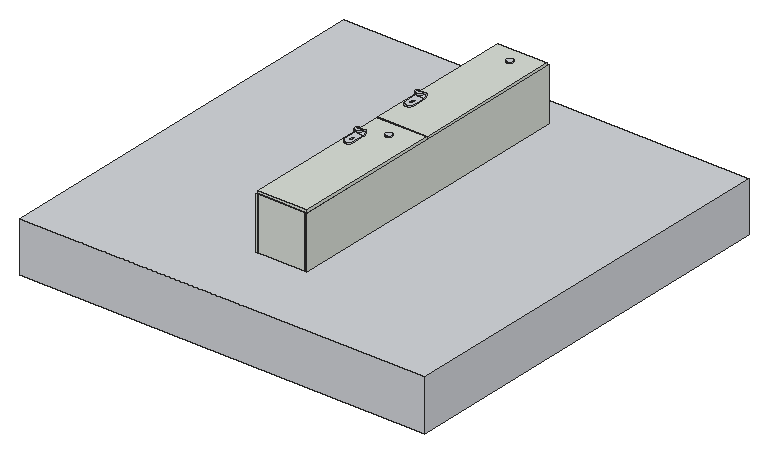
Revit family
Parameters (values of type "2 Tier Locker - 12.375"")
  Width = 12"
  Waste Connection = no
  WFU = 0
  Vent Connection = no
  URL = "www.spectrumlockers.com"
  Type Comments = ""
  Top/Bottom Panel Thickness = 1/2"
  Side Panel Thickness = 3/8"
  Shelf Thickness = 1/2"
  Price = "Prices may vary. Please consult Manufacturer Representative for most up-to-date price list."  # constant formula
  Phone Number = "416-250-5656"  # constant formula
  Omniclass Table 23 Title = "Lockers"  # constant formula
  Omniclass Table 23 Code = "23.40.20.11.17"  # constant formula
  Nominal Height = 29 1/8"
  Model = "2 Tier Locker - 12.375\""
  Material = Athlon-Spectrum-White-E0.00 CR
  Masterformat Title = "Phenolic Lockers"  # constant formula
  Masterformat Number = "10 51 29"  # constant formula
  Manufacturer = "Spectrum"
  Length = 12 3/8"
  Installation Type = "Wall Mounted"
  Height = 71 3/4"
  HWFU = 0
  HW Connection = no
  Description = "2 Tier Locker"
  Default Elevation = 0"
  Creation Date = "30/9/2014"  # constant formula
  Created By = "Allied Technical Services"  # constant formula
  CWFU = 0
  CW Connection = no
  Assembly Code = "E2020200"
  ATS URL = "http://www.atsspec.net"
Types (5): name | Model | Length | Height
  (no name) | "2 Tier Locker - 12.375\"" | 12 3/8" | 71 3/4"
  2 Tier Locker - 12.375" | "2 Tier Locker - 12.375\"" | 12 3/8" | 71 3/4"
  2 Tier Locker - 15.375" | "2 Tier Locker - 15.375\"" | 15 3/8" | 59 3/4"
  2 Tier Locker - 20.375" | "2 Tier Locker - 20.375\"" | 20 3/8" | 59 3/4"
  2 Tier Locker - 24.375" | "2 Tier Locker - 24.375\"" | 24 3/8" | 59 3/4"
Reference planes (in)
  plane 1 "Center (Front/Back)": y = 0
  plane 2: z = 2.80402
  plane 3 "Center (Left/Right)": x = 0
  plane 4: x = 5.625
  plane 5: x = 6
  plane 6: y = 71.75
  plane 7: y = 71.25
  plane 8: y = 0.5
  plane 9: x = -5.625
  plane 10: x = -6
  plane 11: z = 15.17902
  plane 12: z = 15.67902
  plane 13: z = 3.17902
  plane 14: y = 35.625
  plane 15: y = 36.125
  plane 16: y = 35.875
  plane 17: x = -4.42497
  plane 18: x = -3.42497
  plane 19: x = -5.42497
  plane 20: y = 44.8125
  plane 21: y = 37.34375
  plane 22: y = 14.9375
  plane 23: y = 22.40625
  plane 24: y = 34.84375
  plane 25: y = 46.48763
  plane 26: y = 39.01888
  plane 27: y = 16.61263
  plane 28: y = 24.08138
  plane 29: y = 36.51888
  plane 30: y = 44.80939
  plane 31: y = 44.84064
  plane 32: y = 14.93439
  plane 33: y = 22.40314
  plane 34: y = 42.34064
  plane 35: y = 53.8125
  plane 36: y = 44.84375
  plane 37: y = 17.9375
  plane 38: y = 26.90625
  plane 39: y = 31.875
  plane 40: y = 67.75
Forms (in)
  Extrusion 1, solid
    sketch origin (0, 0, 2.80402) x (1, 0, 0) y (0, 1, 0)
      loop
        line (-48, 78.52725) -> (-48, -17.47275) -> (48, -17.47275) -> (48, 78.52725) -> (-48, 78.52725)
    from 0 to -12
  Extrusion 2, solid, material "Athlon-Spectrum-White-E0.00 CR" <- "Material"
    sketch origin (0, 0, 0) x (1, 0, 0) y (0, 0, 1)
      loop
        line (-5.625, 15.17902) -> (-5.625, 2.80402) -> (5.625, 2.80402) -> (5.625, 15.17902) -> (-5.625, 15.17902)
    from -71.75 to -71.25
  Extrusion 3, solid, material "Athlon-Spectrum-White-E0.00 CR" <- "Material"
    sketch origin (0, -59.25, 0) x (1, 0, 0) y (0, 0, 1)
      loop
        line (-5.625, 15.17902) -> (-5.625, 2.80402) -> (5.625, 2.80402) -> (5.625, 15.17902) -> (-5.625, 15.17902)
    from -59.75 to -59.25
  Extrusion 4, solid, material "Athlon-Spectrum-White-E0.00 CR" <- "Material"
    sketch origin (0, 0, 0) x (0, 1, 0) y (0, 0, 1)
      loop
        line (71.75, 15.17902) -> (0, 15.17902) -> (0, 2.80402) -> (71.75, 2.80402) -> (71.75, 15.17902)
    from -6 to -5.625
  Extrusion 5, solid, material "Athlon-Spectrum-White-E0.00 CR" <- "Material"
    sketch origin (0, 0, 0) x (0, 1, 0) y (0, 0, -1)
      loop
        line (71.75, -15.17902) -> (71.75, -2.80402) -> (0, -2.80402) -> (0, -15.17902) -> (71.75, -15.17902)
    from -6 to -5.625
  Extrusion 6, solid, material "Athlon-Spectrum-White-E0.00 CR" <- "Material"
    sketch origin (0, 0, 0) x (1, 0, 0) y (0, 0, 1)
      loop
        line (-5.625, 3.17902) -> (-5.625, 2.80402) -> (5.625, 2.80402) -> (5.625, 3.17902) -> (-5.625, 3.17902)
    from -71.25 to -0.5
  Extrusion 7, solid, material "Athlon-Spectrum-White-E0.00 CR" <- "Material"
    sketch origin (0, 0, 0) x (1, 0, 0) y (0, 0, 1)
      loop
        line (-5.625, 15.17902) -> (-5.625, 3.17902) -> (5.625, 3.17902) -> (5.625, 15.17902) -> (-5.625, 15.17902)
    from -36.125 to -35.625
  Extrusion 8, solid, material "Athlon-Spectrum-White-E0.00 CR" <- "Material"
    sketch origin (0, 0, 2.80402) x (1, 0, 0) y (0, 1, 0)
      loop
        line (-5.875, 35.75) -> (-5.875, 0.25) -> (5.875, 0.25) -> (5.875, 35.75) -> (-5.875, 35.75)
    from 12.375 to 12.875
  Extrusion 9, solid, material "Athlon-Spectrum-White-E0.00 CR" <- "Material"
    sketch origin (0, 29.75, 2.80402) x (1, 0, 0) y (0, 1, 0)
      loop
        line (-5.875, 41.75) -> (-5.875, 6.25) -> (5.875, 6.25) -> (5.875, 41.75) -> (-5.875, 41.75)
    from 12.375 to 12.875
  Extrusion 10, solid, not visible
    sketch origin (0, 0, 6.25) x (0, 1, 0) y (0, 0, 1)
      loop
        line (39.21875, 14.125) -> (37.65625, 14.125) -> (37.65625, 14) -> (39.21875, 14)
        arc (39.21875, 14) -> (39.71875, 13.5) -> (39.21875, 13) r 0.5
        line (39.21875, 13) -> (34.84375, 13) -> (34.84375, 12.875) -> (39.21875, 12.875)
        arc (39.21875, 12.875) -> (39.84375, 13.5) -> (39.21875, 14.125) r 0.625
    from -5.42497 to -3.42497
  Extrusion 11, solid, not visible
    sketch origin (0, 1.67513, 9.05402) x (0, 1, 0) y (0, 0, 1)
      loop
        line (39.21875, 14.125) -> (37.65625, 14.125) -> (37.65625, 14) -> (39.21875, 14)
        arc (39.21875, 14) -> (39.71875, 13.5) -> (39.21875, 13) r 0.5
        line (39.21875, 13) -> (34.84375, 13) -> (34.84375, 12.875) -> (39.21875, 12.875)
        arc (39.21875, 12.875) -> (39.84375, 13.5) -> (39.21875, 14.125) r 0.625
    from -5.42497 to -3.42497
  Extrusion 12, void, not visible
    sketch origin (0, 0, 0) x (1, 0, 0) y (0, 1, 0)
      loop
        line (-5.42497, 40.83629) -> (-5.42497, 39.33138) -> (-3.42497, 39.33138) -> (-3.42497, 40.83629)
        arc (-3.42497, 40.83629) -> (-4.42497, 39.83629) -> (-5.42497, 40.83629) r 1
    from 23.05402 to 23.17902
  Extrusion 13, void, not visible
    sketch origin (0, -2.38798, 0) x (1, 0, 0) y (0, 1, 0)
      loop
        line (-5.42497, 40.09927) -> (-5.42497, 38.90686) -> (-3.42497, 38.90686) -> (-3.42497, 40.09927)
        arc (-3.42497, 40.09927) -> (-4.42497, 39.09927) -> (-5.42497, 40.09927) r 1
      loop
        arc (-4.17497, 41.15997) -> (-4.42497, 41.40997) -> (-4.67497, 41.15997) r 0.25
        line (-4.67497, 41.15997) -> (-4.67497, 40.68669)
        arc (-4.67497, 40.68669) -> (-4.42497, 40.43669) -> (-4.17497, 40.68669) r 0.25
        line (-4.17497, 40.68669) -> (-4.17497, 41.15997)
    from 21.92902 to 22.05402
  Extrusion 14, solid
    sketch origin (0, -0.00311, 2.80402) x (0, 1, 0) y (0, 0, 1)
      loop
        line (46.71875, 14.125) -> (45.15625, 14.125) -> (45.15625, 14) -> (46.71875, 14)
        arc (46.71875, 14) -> (47.21875, 13.5) -> (46.71875, 13) r 0.5
        line (46.71875, 13) -> (42.34375, 13) -> (42.34375, 12.875) -> (46.71875, 12.875)
        arc (46.71875, 12.875) -> (47.34375, 13.5) -> (46.71875, 14.125) r 0.625
    from -5.42497 to -3.42497
  Extrusion 15, void
    sketch origin (0, -1.67824, -6.25) x (1, 0, 0) y (0, 1, 0)
      loop
        line (-5.42497, 48.33629) -> (-5.42497, 46.83138) -> (-3.42497, 46.83138) -> (-3.42497, 48.33629)
        arc (-3.42497, 48.33629) -> (-4.42497, 47.33629) -> (-5.42497, 48.33629) r 1
    from 23.05402 to 23.17902
  Extrusion 16, void
    sketch origin (0, -4.06622, -6.25) x (1, 0, 0) y (0, 1, 0)
      loop
        line (-5.42497, 47.59927) -> (-5.42497, 46.40997) -> (-3.42497, 46.40997) -> (-3.42497, 47.59927)
        arc (-3.42497, 47.59927) -> (-4.42497, 46.59927) -> (-5.42497, 47.59927) r 1
      loop
        arc (-4.17497, 48.65997) -> (-4.42497, 48.90997) -> (-4.67497, 48.65997) r 0.25
        line (-4.67497, 48.65997) -> (-4.67497, 48.18669)
        arc (-4.67497, 48.18669) -> (-4.42497, 47.93669) -> (-4.17497, 48.18669) r 0.25
        line (-4.17497, 48.18669) -> (-4.17497, 48.65997)
    from 21.92902 to 23.17902
  Extrusion 17, solid
    sketch origin (0, -14.94061, 2.80402) x (0, 1, 0) y (0, 0, 1)
      loop
        line (43.71875, 14.125) -> (41.84686, 14.125) -> (41.84686, 14) -> (43.71875, 14)
        arc (43.71875, 14) -> (44.21875, 13.5) -> (43.71875, 13) r 0.5
        line (43.71875, 13) -> (39.34375, 13) -> (39.34375, 12.875) -> (43.71875, 12.875)
        arc (43.71875, 12.875) -> (44.34375, 13.5) -> (43.71875, 14.125) r 0.625
    from -5.42497 to -3.42497
  Extrusion 18, void
    sketch origin (0, -19.00372, -6.25) x (1, 0, 0) y (0, 1, 0)
      loop
        line (-5.42497, 44.59927) -> (-5.42497, 43.15997) -> (-3.42497, 43.15997) -> (-3.42497, 44.59927)
        arc (-3.42497, 44.59927) -> (-4.42497, 43.59927) -> (-5.42497, 44.59927) r 1
      loop
        arc (-4.17497, 45.65997) -> (-4.42497, 45.90997) -> (-4.67497, 45.65997) r 0.25
        line (-4.67497, 45.65997) -> (-4.67497, 45.18669)
        arc (-4.67497, 45.18669) -> (-4.42497, 44.93669) -> (-4.17497, 45.18669) r 0.25
        line (-4.17497, 45.18669) -> (-4.17497, 45.65997)
    from 23.17902 to 21.92902
  Extrusion 19, void
    sketch origin (0, -16.61574, -6.25) x (1, 0, 0) y (0, 1, 0)
      loop
        line (-5.42497, 45.33629) -> (-5.42497, 43.52199) -> (-3.42497, 43.52199) -> (-3.42497, 45.33629)
        arc (-3.42497, 45.33629) -> (-4.42497, 44.33629) -> (-5.42497, 45.33629) r 1
    from 22.05402 to 23.17902
  Extrusion 20, solid
    sketch origin (0, 0, 2.80402) x (1, 0, 0) y (0, 1, 0)
      loop
        circle (0, 67.75) r 0.75
      loop
        circle (0, 31.875) r 0.75
    from 12.875 to 13
Cuts and joins
  Extrusion 15, Extrusion 16, Extrusion 18, Extrusion 19 cuts Extrusion 14
  Extrusion 18 cuts Extrusion 9
  Extrusion 18, Extrusion 19 cuts Extrusion 17
Lines and regions (in)
  Masking region 1
    outline origin (0, 0, 2.80402) x (1, 0, 0) y (0, 1, 0)
      loop
        line (-6, 71.75) -> (-6, 0) -> (6, 0) -> (6, 71.75) -> (-6, 71.75)
  Masking region 2
    outline origin (0, 0, 0) x (0, 1, 0) y (0, 0, 1)
      loop
        line (71.75, 2.80402) -> (71.75, 15.17902) -> (71.5, 15.17902) -> (71.5, 15.67902) -> (36, 15.67902) -> (36, 15.17902) -> (35.75, 15.17902) -> (35.75, 15.67902) -> (0.25, 15.67902) -> (0.25, 15.17902) -> (0, 15.17902) -> (0, 2.80402) -> (71.75, 2.80402)
  Masking region 3
    outline origin (0, 0, 0) x (1, 0, 0) y (0, 0, 1)
      loop
        line (6, 15.17902) -> (5.875, 15.17902) -> (5.875, 15.67902) -> (-5.875, 15.67902) -> (-5.875, 15.17902) -> (-6, 15.17902) -> (-6, 2.80402) -> (6, 2.80402) -> (6, 15.17902)
  symbolic lines, detail levels medium+fine
    curve 1: line (-5.875, 71.5, 2.80402) -> (5.875, 71.5, 2.80402)
    curve 2: line (-5.875, 36, 2.80402) -> (-5.875, 71.5, 2.80402)
    curve 3: line (5.875, 36, 2.80402) -> (-5.875, 36, 2.80402)
    curve 4: line (5.875, 71.5, 2.80402) -> (5.875, 36, 2.80402)
    curve 5: line (-5.875, 35.75, 2.80402) -> (5.875, 35.75, 2.80402)
    curve 6: line (-5.875, 0.25, 2.80402) -> (-5.875, 35.75, 2.80402)
    curve 7: line (5.875, 0.25, 2.80402) -> (-5.875, 0.25, 2.80402)
    curve 8: line (5.875, 35.75, 2.80402) -> (5.875, 0.25, 2.80402)
    curve 9: line (0, 71.5, 15.17902) -> (0, 36, 15.17902)
    curve 10: line (0, 35.75, 15.17902) -> (0, 0.25, 15.17902)
    curve 11: line (5.875, 0, 15.17902) -> (-5.875, 0, 15.17902)
    curve 12: line (5.625, 0, 15.17902) -> (5.625, 0, 2.80402)
    curve 13: line (-5.625, 0, 2.80402) -> (-5.625, 0, 15.17902)
    curve 14: circle (0, 67.75, 2.80402) r 0.75 normal (0, 0, 1)
    curve 15: circle (0, 31.875, 2.80402) r 0.75 normal (0, 0, 1)
Dimensions and locks (in)
  "Side Panel Thickness": plane 13 to Extrusion 1
  locked: plane 12 to plane 11 at 0.5
  "Top/Bottom Panel Thickness": plane 6 to plane 7
  "Top/Bottom Panel Thickness": plane 8 to plane 1 "Center (Front/Back)"
  locked: plane 14 to Extrusion 8 sketch curve at 0.125
  locked: plane 15 to Extrusion 9 sketch curve at 0.125
  "Length": plane 11 to Extrusion 1
  "Shelf Thickness": plane 15 to plane 14
  "Side Panel Thickness": plane 10 to plane 9
  "Side Panel Thickness": plane 4 to plane 5
  "Width": plane 10 to plane 5
  equal spacing: plane 10, plane 3 "Center (Left/Right)", plane 5
  "Height": plane 6 to plane 1 "Center (Front/Back)"
  locked: plane 15 to plane 16 at 0.25
  plane 14 to plane 8 = 35 1/8"
  locked: Extrusion 8 sketch curve to Extrusion 4 at 0.25
  locked: plane 8 to Extrusion 8 sketch curve at 0.25
  locked: Extrusion 5 to Extrusion 8 sketch curve at 0.25
  locked: Extrusion 9 sketch curve to Extrusion 4 at 0.25
  locked: Extrusion 5 to Extrusion 9 sketch curve at 0.25
  locked: Extrusion 2 to Extrusion 9 sketch curve at 0.25
  equal spacing: plane 6, plane 16, plane 1 "Center (Front/Back)"
  plane 7 to plane 15 = 35 1/8"
  plane 10 to plane 3 "Center (Left/Right)" = 6"
  locked: plane 17 to plane 18 at 1
  locked: plane 19 to plane 17 at 1
  Extrusion 10 sketch curve to plane 21 = 5/16"
  locked: plane 21 to plane 24 at 2.5
  locked: Extrusion 10 sketch curve to plane 21 at 1.875
  locked: Extrusion 10 sketch curve to Extrusion 10 sketch curve at 0.125
  locked: Extrusion 10 sketch curve to plane 21 at 0.3125
  Extrusion 11 sketch curve to plane 26 = 5/16"
  locked: Extrusion 11 sketch curve to plane 26 at 1.875
  locked: Extrusion 11 sketch curve to Extrusion 11 sketch curve at 0.125
  locked: Extrusion 11 sketch curve to plane 26 at 0.3125
  locked: plane 31 to plane 34 at 2.5
  locked: Extrusion 14 sketch curve to plane 31 at 1.875
  locked: Extrusion 14 sketch curve to Extrusion 14 sketch curve at 0.125
  locked: Extrusion 14 sketch curve to plane 31 at 0.3125
  equal spacing: plane 6, plane 35, plane 16
  equal spacing: plane 35, plane 36, plane 16
  locked: plane 36 to plane 34 at 2.50311
  locked: plane 36 to Extrusion 16 sketch curve at 2.5
  locked: Extrusion 15 sketch curve to plane 36 at 1.8143
  equal spacing: plane 16, plane 37, plane 1 "Center (Front/Back)"
  equal spacing: plane 16, plane 38, plane 37
  locked: Extrusion 14 sketch curve to plane 12 at 1.25
  locked: Extrusion 17 sketch curve to Extrusion 17 sketch curve at 0.125
  locked: Extrusion 18 sketch curve to plane 38 at 1.3107
  locked: Extrusion 17 sketch curve to plane 12 at 1.25
  locked: plane 38 to Extrusion 17 sketch curve at 2.50311
  locked: Extrusion 17 sketch curve to plane 38 at 1.87189
  locked: Extrusion 17 sketch curve to plane 12 at 0.125
  locked: plane 38 to Extrusion 18 sketch curve at 2.75
  locked: plane 10 to plane 18 at 2.57503
  locked: plane 16 to plane 39 at 4
  locked: plane 6 to plane 40 at 4
  aligned and locked: plane 2 to Extrusion 1
  aligned and locked: plane 6 to Extrusion 2
  aligned and locked: Extrusion 2 to plane 7
  aligned and locked: plane 8 to Extrusion 3
  aligned and locked: plane 1 "Center (Front/Back)" to Extrusion 3
  aligned and locked: Extrusion 4 to plane 10
  aligned and locked: plane 9 to Extrusion 4
  aligned and locked: Extrusion 5 to plane 4
  aligned and locked: Extrusion 5 to plane 5
  aligned and locked: plane 7 to Extrusion 6
  aligned and locked: Extrusion 6 to plane 8
  aligned and locked: plane 15 to Extrusion 7
  aligned and locked: Extrusion 7 to plane 14
  aligned and locked: plane 12 to Extrusion 8
  aligned and locked: Extrusion 8 to plane 11
  aligned and locked: plane 12 to Extrusion 9
  aligned and locked: Extrusion 9 to plane 11
  aligned and locked: plane 6 to Extrusion 4 sketch curve
  aligned and locked: plane 11 to Extrusion 4 sketch curve
  aligned and locked: Extrusion 4 sketch curve to level
  aligned and locked: plane 1 "Center (Front/Back)" to Extrusion 4 sketch curve
  aligned and locked: Extrusion 5 sketch curve to plane 6
  aligned and locked: Extrusion 5 sketch curve to plane 11
  aligned and locked: Extrusion 5 sketch curve to plane 1 "Center (Front/Back)"
  aligned and locked: level to Extrusion 5 sketch curve
  aligned and locked: plane 11 to Extrusion 3
  aligned and locked: plane 11 to Extrusion 2
  aligned and locked: plane 11 to Extrusion 7
  aligned and locked: plane 9 to Extrusion 3 sketch curve
  aligned and locked: level to Extrusion 3 sketch curve
  aligned and locked: plane 4 to Extrusion 3 sketch curve
  aligned and locked: plane 9 to Extrusion 2 sketch curve
  aligned and locked: level to Extrusion 2 sketch curve
  aligned and locked: plane 4 to Extrusion 2 sketch curve
  aligned and locked: Extrusion 2 sketch curve to plane 11
  aligned and locked: plane 10 to Masking region 1 sketch curve
  aligned and locked: Masking region 1 sketch curve to plane 6
  aligned and locked: Masking region 1 sketch curve to Extrusion 5  (x2)
  aligned and locked: curve 1 to Extrusion 9  (x2)
  aligned and locked: Extrusion 9 to curve 4
  aligned and locked: curve 4 to Extrusion 9
  aligned and locked: curve 5 to Extrusion 8  (x2)
  aligned and locked: Extrusion 8 to curve 8
  aligned and locked: curve 8 to Extrusion 8
  aligned and locked: plane 12 to Masking region 2 sketch curve  (x2)
  aligned and locked: plane 11 to Masking region 2 sketch curve  (x3)
  aligned and locked: plane 1 "Center (Front/Back)" to Masking region 2 sketch curve
  aligned and locked: Masking region 2 sketch curve to level
  aligned and locked: plane 6 to Masking region 2 sketch curve
  aligned and locked: Masking region 2 sketch curve to Extrusion 9  (x2)
  aligned and locked: Masking region 2 sketch curve to Extrusion 8  (x2)
  aligned and locked: plane 5 to Masking region 3 sketch curve
  aligned and locked: Masking region 3 sketch curve to Extrusion 4  (x2)
  aligned and locked: plane 11 to Masking region 3 sketch curve  (x2)
  aligned and locked: Masking region 3 sketch curve to Extrusion 8  (x2)
  aligned and locked: plane 12 to Masking region 3 sketch curve
  aligned and locked: curve 12 to Extrusion 5
  aligned and locked: curve 13 to Extrusion 4
  aligned and locked: Extrusion 10 sketch curve to plane 24
  aligned and locked: Extrusion 11 sketch curve to plane 29
  aligned and locked: Extrusion 12 sketch curve to Extrusion 11
  aligned and locked: Extrusion 14 sketch curve to plane 34
  aligned and locked: Extrusion 15 sketch curve to Extrusion 14
  aligned and locked: Extrusion 15 to Extrusion 14
  aligned and locked: Extrusion 14 to Extrusion 15
  aligned: Extrusion 14 to Extrusion 16
  aligned and locked: cut or joined group of Extrusion 14, Extrusion 15, Extrusion 16, Extrusion 18, Extrusion 19 to plane 12
  aligned and locked: plane 18 to Extrusion 14
  aligned and locked: cut or joined group of Extrusion 14, Extrusion 15, Extrusion 16, Extrusion 18, Extrusion 19 to plane 19
  aligned and locked: Extrusion 16 sketch curve to plane 18
  aligned and locked: plane 19 to Extrusion 16 sketch curve
  aligned and locked: plane 19 to Extrusion 15 sketch curve
  aligned and locked: Extrusion 15 sketch curve to plane 18
  aligned and locked: Extrusion 16 to cut or joined group of Extrusion 14, Extrusion 15, Extrusion 16, Extrusion 18, Extrusion 19
  aligned and locked: Extrusion 16 to plane 12
  aligned: Extrusion 18 to plane 12
  aligned: Extrusion 19 to cut or joined group of Extrusion 17, Extrusion 18, Extrusion 19
  aligned and locked: Extrusion 19 sketch curve to plane 38
  aligned and locked: plane 18 to Extrusion 19 sketch curve
  aligned and locked: plane 19 to Extrusion 19 sketch curve
  aligned and locked: plane 18 to Extrusion 18 sketch curve
  aligned and locked: plane 19 to Extrusion 18 sketch curve
  aligned and locked: plane 38 to Extrusion 17 sketch curve
  aligned and locked: Extrusion 17 to plane 19
  aligned and locked: cut or joined group of Extrusion 17, Extrusion 18, Extrusion 19 to plane 18
  aligned and locked: Extrusion 18 to cut or joined group of Extrusion 17, Extrusion 18, Extrusion 19
  aligned and locked: Extrusion 18 to plane 12
  aligned and locked: Extrusion 19 to cut or joined group of Extrusion 17, Extrusion 18, Extrusion 19  (x2)
  aligned and locked: plane 40 to Extrusion 20 sketch curve
  aligned and locked: plane 3 "Center (Left/Right)" to Extrusion 20 sketch curve  (x2)
  aligned and locked: plane 39 to Extrusion 20 sketch curve
  aligned and locked: Extrusion 20 to plane 12
  aligned and locked: cut or joined group of Extrusion 17, Extrusion 18, Extrusion 19 to Extrusion 20
  aligned and locked: curve 14 to Extrusion 20
  aligned and locked: curve 15 to Extrusion 20
Automatic sketch dimensions
  Extrusion 10 sketch curve to Extrusion 10 sketch curve = 0"  (x3)
  Extrusion 10 sketch curve to Extrusion 10 sketch curve = 1/2"
  Extrusion 11 sketch curve to Extrusion 11 sketch curve = 0"  (x3)
  Extrusion 11 sketch curve to Extrusion 11 sketch curve = 1/2"
  Extrusion 12 sketch curve to Extrusion 12 sketch curve = 1.50491"
  Extrusion 12 sketch curve to Extrusion 12 sketch curve = 0"  (x4)
  Extrusion 13 sketch curve to Extrusion 13 sketch curve = 1.19241"
  Extrusion 13 sketch curve to Extrusion 13 sketch curve = 0"  (x5)
  Extrusion 13 sketch curve to Extrusion 13 sketch curve = 0.58742"
  Extrusion 13 sketch curve to Extrusion 13 sketch curve = 0.47328"
  Extrusion 12 sketch curve to Extrusion 12 sketch curve = 1"
  Extrusion 13 sketch curve to Extrusion 13 sketch curve = 3/4"
  Extrusion 13 sketch curve to Extrusion 13 sketch curve = 1/4"
  curve 10 to plane 11 = 0"
  curve 9 to plane 11 = 0"
  curve 10 to plane 1 "Center (Front/Back)" = 1/4"
  plane 14 to curve 10 = 1/8"
  curve 9 to plane 15 = 1/8"
  curve 9 to plane 6 = 1/4"
  curve 11 to plane 11 = 0"
  curve 12 to level = 0"
  curve 13 to level = 0"
  plane 10 to curve 11 = 1/8"
  plane 5 to curve 11 = 1/8"
  Extrusion 1 sketch curve to Extrusion 1 sketch curve = 96"  (x2)
  Extrusion 3 sketch curve to plane 11 = 0"
  Extrusion 6 sketch curve to level = 0"
  Extrusion 6 sketch curve to plane 9 = 0"
  plane 4 to Extrusion 6 sketch curve = 0"
  Extrusion 6 sketch curve to plane 13 = 0"
  Extrusion 7 sketch curve to plane 9 = 0"
  plane 4 to Extrusion 7 sketch curve = 0"
  Extrusion 7 sketch curve to plane 13 = 0"
  Extrusion 7 sketch curve to plane 11 = 0"
  Extrusion 14 sketch curve to Extrusion 14 sketch curve = 0"  (x2)
  Extrusion 14 sketch curve to plane 12 = 0"
  Extrusion 15 sketch curve to plane 19 = 0"
  Extrusion 15 sketch curve to plane 17 = 0"
  Extrusion 15 sketch curve to Extrusion 15 sketch curve = 0"  (x2)
  Extrusion 16 sketch curve to plane 19 = 0"
  Extrusion 16 sketch curve to plane 17 = 0"  (x2)
  Extrusion 16 sketch curve to Extrusion 16 sketch curve = 1/4"
  Extrusion 16 sketch curve to plane 36 = 1.3107"
  Extrusion 16 sketch curve to Extrusion 16 sketch curve = 0"  (x2)
  Extrusion 16 sketch curve to Extrusion 16 sketch curve = 0.58742"
  Extrusion 16 sketch curve to plane 36 = 1/4"
  Extrusion 19 sketch curve to plane 19 = 0"
  Extrusion 19 sketch curve to plane 17 = 0"
  Extrusion 19 sketch curve to Extrusion 19 sketch curve = 0"  (x2)
  Extrusion 19 sketch curve to plane 38 = 1.8143"
  Extrusion 17 sketch curve to Extrusion 17 sketch curve = 0"  (x2)
  Extrusion 18 sketch curve to plane 19 = 0"
  Extrusion 18 sketch curve to plane 17 = 0"  (x2)
  plane 17 to Extrusion 18 sketch curve = 1/4"
  Extrusion 18 sketch curve to Extrusion 18 sketch curve = 0"  (x2)
  Extrusion 18 sketch curve to Extrusion 18 sketch curve = 0.58742"
  plane 38 to Extrusion 18 sketch curve = 1/4"
  radius of Extrusion 20 sketch curve = 3/4"  (x2)
